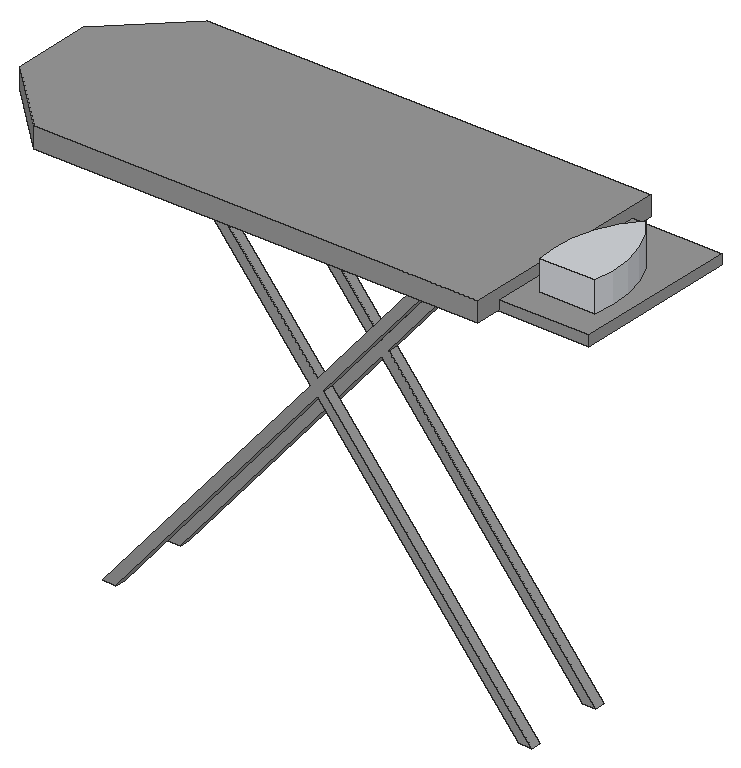
Revit family "АВЛН_Стол гладильный", category Мебель, Revit 2019
Family settings
  Номер OmniClass = 23.40.20.00
  Заголовок OmniClass = General Furniture and Specialties
  На основе рабочей плоскости = Нет
  Всегда вертикально = Да
  При загрузке вырезать с полостями = Нет
  Общий = Нет
  Точка расчета площади = Нет
Parameters (values of type "Стол гладильный с утюгом")
  Описание = "Стол гладильный: 1200х430х850, + утюг; Э1Ф; 220В;\r\n1,6кВт"
  Type Comments = ""
  Keynote = ""
  Manufacturer = ""
  Группа модели = "Оборудование основных помещений школы"
  ADSK_Размер_Ширина = 430 mm
  ADSK_Размер_Длина = 1200 mm
  ADSK_Размер_Высота = 850 mm
  ADSK_Обозначение = ""
  ADSK_Масса = 0
  ADSK_Код изделия = ""
  ADSK_Единица измерения = "шт"  # constant formula
Reference planes
  plane 1 "По центру (Вперед/Назад)": y = 0
  plane 2: z = 0
  plane 3 "По центру (Влево/Вправо)": x = 0
  plane 4: z = 850
  plane 5: y = 215
  plane 6: x = 600
  plane 7: x = -600
  plane 8: y = -215
  plane 9: x = 419.752
  plane 10: x = -400
Forms (mm)
  Extrusion 1, solid, material "Полотно - бежевое"
    sketch origin (0, -518.993, 592.976) x (-1, 0, 0) y (0, -1, 0)
      loop
        line (-419.752, -733.993) -> (400, -733.993) -> (400, -303.993) -> (-419.752, -303.993) -> (-419.752, -733.993)
    from 217.024 to 257.024
  Extrusion 2, solid, material "Сталь, нержавеющая, шлифованная"
    sketch origin (0, -518.993, 712.976) x (-1, 0, 0) y (0, -1, 0)
      loop
        line (-419.752, -683.993) -> (-419.752, -353.993) -> (-600, -353.993) -> (-600, -683.993) -> (-419.752, -683.993)
    from 97.024 to 117.024
  Extrusion 3, solid, material "Полотно - бежевое"
    sketch origin (0, -518.993, 592.976) x (-1, 0, 0) y (0, -1, 0)
      loop
        line (400, -733.993) -> (465, -733.993) -> (600, -598.993) -> (600, -438.993) -> (465, -303.993) -> (400, -303.993) -> (400, -733.993)
    from 217.024 to 257.024
  Extrusion 4, solid, material "Металл, с порошковым покрытием, белый"
    sketch origin (0, 0, 0) x (1, 0, 0) y (0, 0, 1)
      loop
        line (-400, 0) -> (0, 476.701) -> (400, 0) -> (426.108, 0) -> (13.054, 492.259) -> (279.671, 810) -> (253.563, 810) -> (0, 507.816) -> (-253.563, 810) -> (-279.671, 810) -> (-13.054, 492.259) -> (-426.108, 0) -> (-400, 0)
    from 70.154 to 90.193
  Extrusion 5, solid, material "Металл, с порошковым покрытием, белый"
    sketch origin (0, 201.682, 0) x (1, 0, 0) y (0, 0, 1)
      loop
        line (-400, 0) -> (0, 476.701) -> (400, 0) -> (426.108, 0) -> (13.054, 492.259) -> (279.671, 810) -> (253.563, 810) -> (0, 507.816) -> (-253.563, 810) -> (-279.671, 810) -> (-13.054, 492.259) -> (-426.108, 0) -> (-400, 0)
    from 111.682 to 131.682
  Extrusion 6, solid
    sketch origin (0, -518.993, 592.976) x (-1, 0, 0) y (0, -1, 0)
      loop
        line (-455.389, -412.311) -> (-564.363, -412.311)
        arc (-564.363, -412.311) -> (-560.768, -517.203) -> (-509.876, -608.993) r 224.444
        arc (-509.876, -608.993) -> (-458.984, -517.203) -> (-455.389, -412.311) r 224.444
    from 237.024 to 297.024
Cuts and joins
  joined: Extrusion 1, Extrusion 3
Lines and regions (mm)
  symbolic lines
    curve 1: arc (488.197, 62.284, 592.976) -> (509.876, 52.529, 592.976) -> (531.555, 62.284, 592.976) r 28.966
    curve 2: arc (520, -106.682, 592.976) -> (515.229, -21.478, 592.976) -> (531.555, 62.284, 592.976) r 344.41
    curve 3: arc (499.752, -106.682, 592.976) -> (504.522, -21.478, 592.976) -> (488.197, 62.284, 592.976) r 344.41
    curve 4: line (455.389, -106.682, 592.976) -> (451.853, -110.218, 592.976)
    curve 5: line (451.853, -110.218, 592.976) -> (566.853, -110.218, 592.976)
    curve 6: line (566.853, -110.218, 592.976) -> (564.363, -106.682, 592.976)
    curve 7: arc (514.494, -51.774, 592.976) -> (534.319, -28.571, 592.976) -> (516.935, -3.487, 592.976) r 25
    curve 8: arc (514.631, -56.841, 592.976) -> (539.313, -28.824, 592.976) -> (517.582, 1.539, 592.976) r 30
    curve 9: arc (502.78, -3.188, 592.976) -> (484.383, -28.575, 592.976) -> (505.254, -51.971, 592.976) r 25
    curve 10: arc (502.132, 1.809, 592.976) -> (479.389, -28.828, 592.976) -> (505.114, -57.008, 592.976) r 30
Dimensions and locks
  plane 2 to plane 4 = 850 mm
  equal spacing: plane 8, plane 1 "По центру (Вперед/Назад)", plane 5
  equal spacing: plane 7, plane 3 "По центру (Влево/Вправо)", plane 6
  "ADSK_Размер_Длина": plane 7 to plane 6
  "ADSK_Размер_Ширина": plane 5 to plane 8
  "ADSK_Размер_Высота": plane 2 to plane 4
  locked: plane 9 to plane 6 at 180.248
  locked: plane 7 to plane 10 at 200
  locked: Extrusion 2 sketch curve to plane 8 at 50
  locked: plane 5 to Extrusion 2 sketch curve at 50
  Extrusion 2 to Extrusion 2 to plane 4 = 20 mm locked, 20 mm locked
  locked: cut or joined group of Extrusion 1, Extrusion 3 to cut or joined group of Extrusion 1, Extrusion 3 at 40
  Extrusion 4 to Extrusion 4 to plane 1 "По центру (Вперед/Назад)" = 20.039 mm locked, 70.154 mm locked
  plane 1 "По центру (Вперед/Назад)" to Extrusion 5 to Extrusion 5 = 70 mm locked, 20 mm locked
  Extrusion 5 to plane 3 "По центру (Влево/Вправо)" to Extrusion 5 = 279.671 mm locked, 279.671 mm locked
  Extrusion 4 to plane 3 "По центру (Влево/Вправо)" to Extrusion 4 = 279.671 mm locked, 279.671 mm locked
  locked: plane 4 to Extrusion 6 at 40
  equal spacing: plane 9, Extrusion 6, plane 6
  aligned and locked: level to plane 2
  aligned and locked: Extrusion 1 sketch curve to plane 5
  aligned and locked: plane 9 to Extrusion 1 sketch curve
  aligned and locked: Extrusion 1 sketch curve to plane 8
  aligned and locked: Extrusion 1 sketch curve to plane 10
  aligned and locked: plane 9 to Extrusion 2 sketch curve
  aligned and locked: Extrusion 2 sketch curve to plane 6
  aligned and locked: Extrusion 3 sketch curve to plane 10
  aligned and locked: Extrusion 3 sketch curve to plane 7
  aligned and locked: plane 5 to Extrusion 3 sketch curve
  aligned and locked: plane 8 to Extrusion 3 sketch curve
  aligned and locked: Extrusion 1 to plane 4
  aligned and locked: Extrusion 2 to Extrusion 1
  aligned and locked: Extrusion 1 to Extrusion 3  (x2)
  aligned and locked: plane 10 to Extrusion 4 sketch curve
  aligned and locked: cut or joined group of Extrusion 1, Extrusion 3 to Extrusion 4 sketch curve
  aligned and locked: level to Extrusion 4 sketch curve  (x2)
  aligned and locked: Extrusion 6 to Extrusion 2
Automatic sketch dimensions
  Extrusion 2 sketch curve to plane 9 = 0 mm
  Extrusion 3 sketch curve to Extrusion 3 sketch curve = 65 mm  (x2)
  Extrusion 3 sketch curve to plane 1 "По центру (Вперед/Назад)" = 80 mm
  plane 1 "По центру (Вперед/Назад)" to Extrusion 3 sketch curve = 80 mm
  Extrusion 4 sketch curve to plane 3 "По центру (Влево/Вправо)" = 0 mm  (x2)
  Extrusion 4 sketch curve to plane 10 = 26.108 mm
  plane 4 to Extrusion 4 sketch curve = 40 mm
  plane 10 to Extrusion 4 sketch curve = 120.329 mm
  Extrusion 4 sketch curve to Extrusion 4 sketch curve = 26.108 mm  (x2)
  Extrusion 4 sketch curve to plane 3 "По центру (Влево/Вправо)" = 13.054 mm
  plane 3 "По центру (Влево/Вправо)" to Extrusion 4 sketch curve = 13.054 mm
  Extrusion 4 sketch curve to plane 9 = 166.189 mm
  Extrusion 4 sketch curve to plane 9 = 19.752 mm
  plane 9 to Extrusion 4 sketch curve = 6.357 mm
  plane 4 to Extrusion 4 sketch curve = 373.299 mm
  Extrusion 4 sketch curve to Extrusion 4 sketch curve = 15.557 mm  (x3)
  Extrusion 5 sketch curve to level = 0 mm  (x2)
  Extrusion 5 sketch curve to plane 10 = 0 mm
  Extrusion 5 sketch curve to plane 3 "По центру (Влево/Вправо)" = 0 mm  (x2)
  Extrusion 5 sketch curve to plane 10 = 26.108 mm
  plane 4 to Extrusion 5 sketch curve = 40 mm  (x2)
  plane 10 to Extrusion 5 sketch curve = 120.329 mm
  Extrusion 5 sketch curve to Extrusion 5 sketch curve = 26.108 mm  (x2)
  Extrusion 5 sketch curve to plane 3 "По центру (Влево/Вправо)" = 13.054 mm
  plane 3 "По центру (Влево/Вправо)" to Extrusion 5 sketch curve = 13.054 mm
  Extrusion 5 sketch curve to plane 9 = 166.189 mm
  Extrusion 5 sketch curve to plane 9 = 19.752 mm
  plane 9 to Extrusion 5 sketch curve = 6.357 mm
  plane 4 to Extrusion 5 sketch curve = 373.299 mm
  Extrusion 5 sketch curve to Extrusion 5 sketch curve = 15.557 mm  (x3)
  plane 6 to Extrusion 6 sketch curve = 75.281 mm
  Extrusion 6 sketch curve to plane 6 = 35.637 mm
  plane 9 to Extrusion 6 sketch curve = 35.637 mm
  Extrusion 6 sketch curve to plane 9 = 75.281 mm
  plane 1 "По центру (Вперед/Назад)" to Extrusion 6 sketch curve = 61.711 mm  (x2)
  plane 1 "По центру (Вперед/Назад)" to Extrusion 6 sketch curve = 106.682 mm
  curve 7 to curve 8 = 0 mm  (x2)
  curve 7 to curve 9 = 0 mm  (x2)
  curve 7 to curve 10 = 0 mm  (x2)
  plane 1 "По центру (Вперед/Назад)" to curve 2 = 44.975 mm
  curve 5 to plane 6 = 33.147 mm
  curve 1 to plane 6 = 90.124 mm
  plane 1 "По центру (Вперед/Назад)" to curve 10 = 27.309 mm
  curve 10 to plane 6 = 90.649 mm
  plane 9 to curve 5 = 32.102 mm
  plane 1 "По центру (Вперед/Назад)" to curve 3 = 44.975 mm
  plane 3 "По центру (Влево/Вправо)" to curve 3 = 160.914 mm
  curve 1 to plane 1 "По центру (Вперед/Назад)" = 81.495 mm
  curve 7 to curve 4 = 82.908 mm
  curve 5 to curve 6 = 2.491 mm
  curve 2 to curve 1 = 21.679 mm
  curve 6 to curve 2 = 44.363 mm
  curve 8 to plane 1 "По центру (Вперед/Назад)" = 1.539 mm
  curve 8 to curve 7 = 8.232 mm
  plane 1 "По центру (Вперед/Назад)" to curve 7 = 3.487 mm
  curve 7 to curve 9 = 9.241 mm
  curve 9 to curve 10 = 0.139 mm
  plane 1 "По центру (Вперед/Назад)" to curve 9 = 3.188 mm
  curve 10 to plane 1 "По центру (Вперед/Назад)" = 1.809 mm
  curve 2 to curve 3 = 20.248 mm
  curve 4 to curve 4 = 3.536 mm  (x2)
  curve 6 to curve 5 = 3.536 mm
